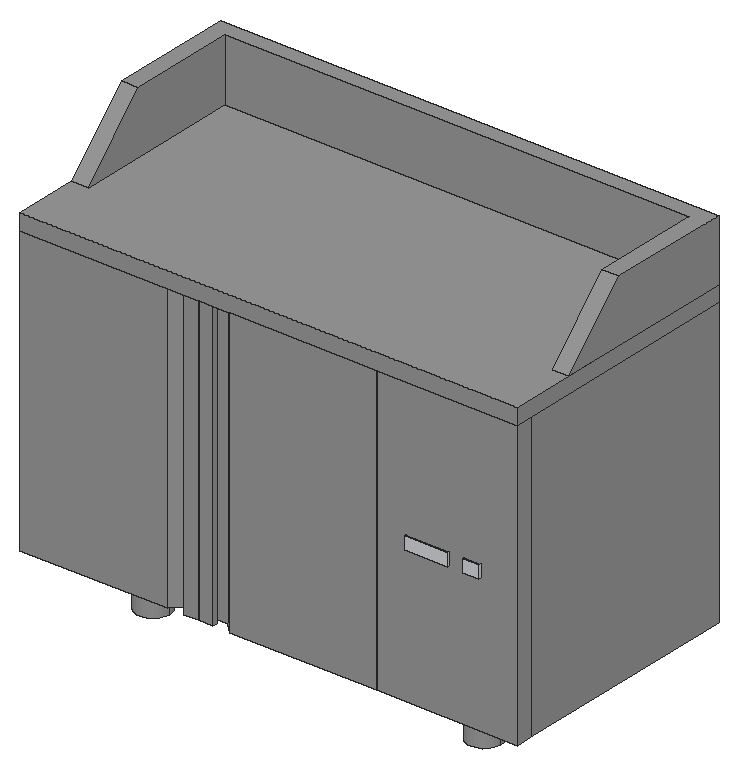
Revit family "Холодильные столы для приготовления пиццы_1", category Оборудование, Revit 2020
Family settings
  Размер круглого соединителя = Использовать диаметр
  Классификация = Нет
  Тип детали = Нормальный
  На основе рабочей плоскости = Нет
  Всегда вертикально = Да
  При загрузке вырезать с полостями = Нет
  Общий = Нет
  Точка расчета площади = Нет
Parameters (values of type "TM2pizza-GC")
  Ширина = 1200 mm
  Цена, руб = "94 957"
  Холодильный стол = нержавеющая сталь
  Хладаген = "R134a"
  Условия окр. среды (темп/влажн) = "до +43"
  Тип охлаждения = "динамический"
  Тип оттайки = "авт. с системой исп. конденсата"
  Терморегулятор = "эл. блок"
  Таблица поиска = "ТB"
  Степень защиты = "IP24"
  Размеры в упоковке, мм = "1310х815х1070"
  Отметка по умолчанию = 0 mm
  Объем, л = "270"
  Нижняя панель упр. = no
  Нижнее распол. Дверь -2 = no
  Нижнее распол Дверь -1 = no
  Напряжение питания = "230.00 В"
  Количество дверей = "2"
  Диап. рабочих темп. = "-2....+10"
  Дверь G-4 = no
  Дверь G-3 = no
  Дверь G-2 = yes
  Дверь G - 1 = yes
  Глубина = 605 mm
  Габаритные размеры, мм = "1200х605х850/1000"
  Высота = 850 mm
  Вес нетто/брутто, кг = "160/200"
  Боковая панель упр. (3 решетки) = no
  Боковая панель упр. = yes
Reference planes
  plane 1 "По центру (Вперед/Назад)": y = 0
  plane 2: z = 0
  plane 3 "По центру (Влево/Вправо)": x = 0
  plane 4: z = 850
  plane 5: y = -605
  plane 6: z = 1000
  plane 7: z = 810
  plane 8: z = 120
  plane 9: x = -600
  plane 10: x = 600
  plane 11: x = 260
  plane 12: y = -565
  plane 13: z = 465
  plane 14: x = 400
  plane 15: x = -400
  plane 16: y = -150
  plane 17: y = -455
  plane 18: x = -170
  plane 19: x = 260
  plane 20: x = -170
  plane 21: z = 350
  plane 22: z = 580
  plane 23: x = 352
  plane 24: x = 260
  plane 25: x = 600.013
  plane 26: y = -450
  plane 27: y = -300
Forms (mm)
  Extrusion 1, solid, material "нержавеющая сталь" <- "Холодильный стол"
    sketch origin (0, 0, 0) x (0, 1, 0) y (0, 0, 1)
      loop
        line (0, 810) -> (-565, 810) -> (-565, 120) -> (0, 120) -> (0, 810)
    from -600 to 600
  Extrusion 2, solid, material "нержавеющая сталь" <- "Холодильный стол", visible <- "Боковая панель упр."
    sketch origin (0, 0, 0) x (1, 0, 0) y (0, 0, 1)
      loop
        line (260, 810) -> (260, 120) -> (600, 120) -> (600, 810) -> (260, 810)
    from 565 to 605
  Extrusion 3, solid, material "нержавеющая сталь" <- "Холодильный стол"
    sketch origin (0, 0, 0) x (1, 0, 0) y (0, 1, 0)
      loop
        circle (-400, -150) r 40
    from 0 to 120
  Extrusion 4, solid, material "нержавеющая сталь" <- "Холодильный стол"
    sketch origin (0, 0, 0) x (1, 0, 0) y (0, 1, 0)
      loop
        circle (400, -150) r 40
    from 0 to 120
  Extrusion 5, solid, material "нержавеющая сталь" <- "Холодильный стол"
    sketch origin (0, 0, 0) x (1, 0, 0) y (0, 1, 0)
      loop
        circle (-400, -455) r 40
    from 0 to 120
  Extrusion 6, solid, material "нержавеющая сталь" <- "Холодильный стол"
    sketch origin (0, 0, 0) x (1, 0, 0) y (0, 1, 0)
      loop
        circle (400, -455) r 40
    from 0 to 120
  Extrusion 7, solid, visible <- "Боковая панель упр.", detail levels medium+fine
    sketch origin (2.568, 0, 10.164) x (1, 0, 0) y (0, 0, 1)
      loop
        line (467.432, 469.836) -> (467.432, 439.836) -> (507.432, 439.836) -> (507.432, 469.836) -> (467.432, 469.836)
    from 605 to 609.018
  Extrusion 8, solid, visible <- "Боковая панель упр.", detail levels medium+fine
    sketch origin (-107.632, 0, 15.164) x (1, 0, 0) y (0, 0, 1)
      loop
        line (437.632, 464.836) -> (437.632, 434.836) -> (542.632, 434.836) -> (542.632, 464.836) -> (437.632, 464.836)
    from 605 to 609.018
  Extrusion 9, solid, material "нержавеющая сталь" <- "Холодильный стол"
    sketch origin (0, 0, 0) x (0, 1, 0) y (0, 0, 1)
      loop
        line (-605, 810) -> (0, 810) -> (0, 850) -> (-605, 850) -> (-605, 810)
    from -600 to 600
  Extrusion 10, solid, material "нержавеющая сталь" <- "Холодильный стол", visible <- "Дверь G - 1"
    sketch origin (430, 0, 0) x (1, 0, 0) y (0, 1, 0)
      loop
        line (-170, -565) -> (-600, -565) -> (-600, -605) -> (-564.749, -605) -> (-564.749, -595.251) -> (-584.749, -595.251) -> (-584.749, -580.251) -> (-549.749, -580.251) -> (-525, -605) -> (-170, -605) -> (-170, -565)
    from 120 to 810
  Extrusion 11, solid, material "нержавеющая сталь" <- "Холодильный стол", visible <- "Дверь G-2"
    sketch origin (90, 0, 0) x (-1, 0, 0) y (0, -1, 0)
      loop
        line (690, 565) -> (690, 605) -> (335, 605) -> (310.251, 580.251) -> (275.251, 580.251) -> (275.251, 595.251) -> (295.251, 595.251) -> (295.251, 605) -> (260, 605) -> (260, 565) -> (690, 565)
    from 120 to 810
  Extrusion 12, solid, material "нержавеющая сталь" <- "Холодильный стол", visible <- "Дверь G-4"
    sketch origin (-770, 0, 0) x (-1, 0, 0) y (0, -1, 0)
      loop
        line (-170, 565) -> (-170, 605) -> (-525, 605) -> (-549.749, 580.251) -> (-584.749, 580.251) -> (-584.749, 595.251) -> (-564.749, 595.251) -> (-564.749, 605) -> (-600, 605) -> (-600, 565) -> (-170, 565)
    from 120 to 810
  Extrusion 13, solid, material "нержавеющая сталь" <- "Холодильный стол", visible <- "Дверь G-3"
    sketch origin (-430, 0, 0) x (1, 0, 0) y (0, 1, 0)
      loop
        line (690, -565) -> (260, -565) -> (260, -605) -> (295.251, -605) -> (295.251, -595.251) -> (275.251, -595.251) -> (275.251, -580.251) -> (310.251, -580.251) -> (335, -605) -> (690, -605) -> (690, -565)
    from 120 to 810
  Extrusion 14, solid, material "нержавеющая сталь" <- "Холодильный стол", not visible
    sketch origin (0, 0, 0) x (0, 1, 0) y (0, 0, 1)
      loop
        line (-605, 465) -> (-565, 465) -> (-565, 810) -> (-605, 810) -> (-605, 775) -> (-590, 775) -> (-590, 795) -> (-580.251, 795) -> (-580.251, 765) -> (-605, 740.251) -> (-605, 465)
    from -170 to 260
  Extrusion 15, solid, material "нержавеющая сталь" <- "Холодильный стол", not visible
    sketch origin (-950, 0, 0) x (0, 1, 0) y (0, 0, 1)
      loop
        line (-605, 465) -> (-565, 465) -> (-565, 810) -> (-605, 810) -> (-605, 775) -> (-590, 775) -> (-590, 795) -> (-580.251, 795) -> (-580.251, 765) -> (-605, 740.251) -> (-605, 465)
    from 350 to 780
  Extrusion 16, solid, material "нержавеющая сталь" <- "Холодильный стол", not visible
    sketch origin (-420, 0, 0) x (0, 1, 0) y (0, 0, 1)
      loop
        line (-605, 465) -> (-565, 465) -> (-565, 810) -> (-605, 810) -> (-605, 775) -> (-590, 775) -> (-590, 795) -> (-580.251, 795) -> (-580.251, 765) -> (-605, 740.251) -> (-605, 465)
    from 250 to 680
  Extrusion 17, solid, material "нержавеющая сталь" <- "Холодильный стол", visible <- "Нижнее распол Дверь -1"
    sketch origin (770, 0, 0) x (1, 0, 0) y (0, 1, 0)
      loop
        line (-170, -565) -> (-600, -565) -> (-600, -605) -> (-564.749, -605) -> (-564.749, -595.251) -> (-584.749, -595.251) -> (-584.749, -580.251) -> (-549.749, -580.251) -> (-525, -605) -> (-170, -605) -> (-170, -565)
    from 350 to 810
  Extrusion 18, solid, material "нержавеющая сталь" <- "Холодильный стол", visible <- "Нижнее распол Дверь -1"
    sketch origin (-770, 0, 0) x (-1, 0, 0) y (0, -1, 0)
      loop
        line (-170, 565) -> (-170, 605) -> (-525, 605) -> (-549.749, 580.251) -> (-584.749, 580.251) -> (-584.749, 595.251) -> (-564.749, 595.251) -> (-564.749, 605) -> (-600, 605) -> (-600, 565) -> (-170, 565)
    from 350 to 810
  Extrusion 19, solid, material "нержавеющая сталь" <- "Холодильный стол", visible <- "Нижнее распол Дверь -1"
    sketch origin (180, 0, 0) x (-1, 0, 0) y (0, -1, 0)
      loop
        line (480, 565) -> (480, 605) -> (125, 605) -> (100.251, 580.251) -> (65.251, 580.251) -> (65.251, 595.251) -> (85.251, 595.251) -> (85.251, 605) -> (50, 605) -> (50, 565) -> (480, 565)
    from 350 to 810
  Extrusion 20, solid, material "нержавеющая сталь" <- "Холодильный стол", visible <- "Нижнее распол. Дверь -2"
    sketch origin (-180, 0, 0) x (1, 0, 0) y (0, 1, 0)
      loop
        line (480, -565) -> (50, -565) -> (50, -605) -> (85.251, -605) -> (85.251, -595.251) -> (65.251, -595.251) -> (65.251, -580.251) -> (100.251, -580.251) -> (125, -605) -> (480, -605) -> (480, -565)
    from 350 to 810
  Extrusion 21, solid, material "нержавеющая сталь" <- "Холодильный стол", visible <- "Нижняя панель упр."
    sketch origin (0, -605, 0) x (1, 0, 0) y (0, 0, 1)
      loop
        line (-600, 350) -> (-600, 120) -> (600, 120) -> (600, 350) -> (-600, 350)
    from -40 to -24.749
  Extrusion 22, solid, visible <- "Нижняя панель упр.", detail levels fine
    sketch origin (0, -605, -22.705) x (1, 0, 0) y (0, 0, 1)
      loop
        line (440, 200) -> (440, 180) -> (506.042, 180) -> (506.042, 200) -> (440, 200)
    from 0 to 4.018
  Extrusion 23, solid, visible <- "Нижняя панель упр.", detail levels fine
    sketch origin (0, -605, -22.705) x (1, 0, 0) y (0, 0, 1)
      loop
        line (397.5, 200) -> (397.5, 180) -> (428.874, 180) -> (428.874, 200) -> (397.5, 200)
    from 0 to 4.018
  Extrusion 24, solid, material "нержавеющая сталь" <- "Холодильный стол", visible <- "Боковая панель упр. (3 решетки)"
    sketch origin (0, -605, 0) x (1, 0, 0) y (0, 0, 1)
      loop
        line (260, 810) -> (260, 120) -> (600.013, 120) -> (600.013, 810) -> (260, 810)
    from -40 to 0
  Extrusion 25, solid, visible <- "Боковая панель упр. (3 решетки)", detail levels medium+fine
    sketch origin (22, -605, 0) x (1, 0, 0) y (0, 0, 1)
      loop
        line (330, 415) -> (330, 395) -> (428.531, 395) -> (428.531, 415) -> (330, 415)
    from 0 to 4.018
  Extrusion 26, solid, visible <- "Боковая панель упр. (3 решетки)", detail levels medium+fine
    sketch origin (22, -605, 0) x (1, 0, 0) y (0, 0, 1)
      loop
        line (486.123, 395) -> (486.123, 415) -> (466.123, 415) -> (466.123, 395) -> (486.123, 395)
    from 0 to 4.018
  Extrusion 27, solid, material "нержавеющая сталь" <- "Холодильный стол"
    sketch origin (0, 0, 0) x (1, 0, 0) y (0, 1, 0)
      loop
        line (-600, -450) -> (-559.757, -450) -> (-559.757, -40.027) -> (560, -40.027) -> (560, -450) -> (600.013, -450) -> (600.013, 0) -> (-600, 0) -> (-600, -450)
    from 850 to 1000
  Extrusion 28, void
    sketch origin (0, 0, 0) x (0, 1, 0) y (0, 0, 1)
      loop
        line (-300, 1000) -> (-450, 1000) -> (-450, 850) -> (-300, 1000)
    from -600 to -559.757
  Extrusion 29, void
    sketch origin (0, 0, 0) x (0, 1, 0) y (0, 0, 1)
      loop
        line (-300, 1000) -> (-450, 1000) -> (-450, 850) -> (-300, 1000)
    from 560 to 600.013
Cuts and joins
  Extrusion 28, Extrusion 29 cuts Extrusion 27
Lines and regions (mm)
  model lines, visible <- "Боковая панель упр.", detail levels medium+fine
    curve 1: line (330, -605, 415) -> (330, -605, 165)
    curve 2: line (530, -605, 165) -> (530, -605, 415)
    curve 11: line (330, -605, 760) -> (330, -605, 510)
    curve 12: line (530, -605, 510) -> (530, -605, 760)
  model lines, visible <- "Боковая панель упр.", detail levels fine
    curve 3: line (360, -605, 415) -> (360, -605, 165)
    curve 4: line (372.5, -605, 415) -> (372.5, -605, 165)
    curve 5: line (402.5, -605, 415) -> (402.5, -605, 165)
    curve 6: line (415, -605, 415) -> (415, -605, 165)
    curve 7: line (445, -605, 415) -> (445, -605, 165)
    curve 8: line (457.5, -605, 415) -> (457.5, -605, 165)
    curve 9: line (487.5, -605, 415) -> (487.5, -605, 165)
    curve 10: line (500, -605, 415) -> (500, -605, 165)
    curve 13: line (360, -605, 760) -> (360, -605, 510)
    curve 14: line (372.5, -605, 760) -> (372.5, -605, 510)
    curve 15: line (402.5, -605, 760) -> (402.5, -605, 510)
    curve 16: line (415, -605, 760) -> (415, -605, 510)
    curve 17: line (445, -605, 760) -> (445, -605, 510)
    curve 18: line (457.5, -605, 760) -> (457.5, -605, 510)
    curve 19: line (487.5, -605, 760) -> (487.5, -605, 510)
    curve 20: line (500, -605, 760) -> (500, -605, 510)
    curve 24: line (330, -605, 760) -> (360, -605, 760)
    curve 25: line (372.5, -605, 760) -> (402.5, -605, 760)
    curve 26: line (415, -605, 760) -> (445, -605, 760)
    curve 27: line (457.5, -605, 760) -> (487.5, -605, 760)
    curve 28: line (500, -605, 760) -> (530, -605, 760)
    curve 29: line (330, -605, 750) -> (360, -605, 750)
    curve 30: line (372.5, -605, 750) -> (402.5, -605, 750)
    curve 31: line (415, -605, 750) -> (445, -605, 750)
    curve 32: line (457.5, -605, 750) -> (487.5, -605, 750)
    curve 33: line (500, -605, 750) -> (530, -605, 750)
    curve 34: line (330, -605, 740) -> (360, -605, 740)
    curve 35: line (372.5, -605, 740) -> (402.5, -605, 740)
    curve 36: line (415, -605, 740) -> (445, -605, 740)
    curve 37: line (457.5, -605, 740) -> (487.5, -605, 740)
    curve 38: line (500, -605, 740) -> (530, -605, 740)
    curve 39: line (330, -605, 730) -> (360, -605, 730)
    curve 40: line (372.5, -605, 730) -> (402.5, -605, 730)
    curve 41: line (415, -605, 730) -> (445, -605, 730)
    curve 42: line (457.5, -605, 730) -> (487.5, -605, 730)
    curve 43: line (500, -605, 730) -> (530, -605, 730)
    curve 44: line (330, -605, 720) -> (360, -605, 720)
    curve 45: line (372.5, -605, 720) -> (402.5, -605, 720)
    curve 46: line (415, -605, 720) -> (445, -605, 720)
    curve 47: line (457.5, -605, 720) -> (487.5, -605, 720)
    curve 48: line (500, -605, 720) -> (530, -605, 720)
    curve 49: line (330, -605, 710) -> (360, -605, 710)
    curve 50: line (372.5, -605, 710) -> (402.5, -605, 710)
    curve 51: line (415, -605, 710) -> (445, -605, 710)
    curve 52: line (457.5, -605, 710) -> (487.5, -605, 710)
    curve 53: line (500, -605, 710) -> (530, -605, 710)
    curve 54: line (330, -605, 700) -> (360, -605, 700)
    curve 55: line (372.5, -605, 700) -> (402.5, -605, 700)
    curve 56: line (415, -605, 700) -> (445, -605, 700)
    curve 57: line (457.5, -605, 700) -> (487.5, -605, 700)
    curve 58: line (500, -605, 700) -> (530, -605, 700)
    curve 59: line (330, -605, 690) -> (360, -605, 690)
    curve 60: line (372.5, -605, 690) -> (402.5, -605, 690)
    curve 61: line (415, -605, 690) -> (445, -605, 690)
    curve 62: line (457.5, -605, 690) -> (487.5, -605, 690)
    curve 63: line (500, -605, 690) -> (530, -605, 690)
    curve 64: line (330, -605, 680) -> (360, -605, 680)
    curve 65: line (372.5, -605, 680) -> (402.5, -605, 680)
    curve 66: line (415, -605, 680) -> (445, -605, 680)
    curve 67: line (457.5, -605, 680) -> (487.5, -605, 680)
    curve 68: line (500, -605, 680) -> (530, -605, 680)
    curve 69: line (330, -605, 670) -> (360, -605, 670)
    curve 70: line (372.5, -605, 670) -> (402.5, -605, 670)
    curve 71: line (415, -605, 670) -> (445, -605, 670)
    curve 72: line (457.5, -605, 670) -> (487.5, -605, 670)
    curve 73: line (500, -605, 670) -> (530, -605, 670)
    curve 74: line (330, -605, 660) -> (360, -605, 660)
    curve 75: line (372.5, -605, 660) -> (402.5, -605, 660)
    curve 76: line (415, -605, 660) -> (445, -605, 660)
    curve 77: line (457.5, -605, 660) -> (487.5, -605, 660)
    curve 78: line (500, -605, 660) -> (530, -605, 660)
    curve 79: line (330, -605, 650) -> (360, -605, 650)
    curve 80: line (372.5, -605, 650) -> (402.5, -605, 650)
    curve 81: line (415, -605, 650) -> (445, -605, 650)
    curve 82: line (457.5, -605, 650) -> (487.5, -605, 650)
    curve 83: line (500, -605, 650) -> (530, -605, 650)
    curve 84: line (330, -605, 640) -> (360, -605, 640)
    curve 85: line (372.5, -605, 640) -> (402.5, -605, 640)
    curve 86: line (415, -605, 640) -> (445, -605, 640)
    curve 87: line (457.5, -605, 640) -> (487.5, -605, 640)
    curve 88: line (500, -605, 640) -> (530, -605, 640)
    curve 89: line (330, -605, 630) -> (360, -605, 630)
    curve 90: line (372.5, -605, 630) -> (402.5, -605, 630)
    curve 91: line (415, -605, 630) -> (445, -605, 630)
    curve 92: line (457.5, -605, 630) -> (487.5, -605, 630)
    curve 93: line (500, -605, 630) -> (530, -605, 630)
    curve 94: line (330, -605, 620) -> (360, -605, 620)
    curve 95: line (372.5, -605, 620) -> (402.5, -605, 620)
    curve 96: line (415, -605, 620) -> (445, -605, 620)
    curve 97: line (457.5, -605, 620) -> (487.5, -605, 620)
    curve 98: line (500, -605, 620) -> (530, -605, 620)
    curve 99: line (330, -605, 610) -> (360, -605, 610)
    curve 100: line (372.5, -605, 610) -> (402.5, -605, 610)
    curve 101: line (415, -605, 610) -> (445, -605, 610)
    curve 102: line (457.5, -605, 610) -> (487.5, -605, 610)
    curve 103: line (500, -605, 610) -> (530, -605, 610)
    curve 104: line (330, -605, 600) -> (360, -605, 600)
    curve 105: line (372.5, -605, 600) -> (402.5, -605, 600)
    curve 106: line (415, -605, 600) -> (445, -605, 600)
    curve 107: line (457.5, -605, 600) -> (487.5, -605, 600)
    curve 108: line (500, -605, 600) -> (530, -605, 600)
    curve 109: line (330, -605, 590) -> (360, -605, 590)
    curve 110: line (372.5, -605, 590) -> (402.5, -605, 590)
    curve 111: line (415, -605, 590) -> (445, -605, 590)
    curve 112: line (457.5, -605, 590) -> (487.5, -605, 590)
    curve 113: line (500, -605, 590) -> (530, -605, 590)
    curve 114: line (330, -605, 580) -> (360, -605, 580)
    curve 115: line (372.5, -605, 580) -> (402.5, -605, 580)
    curve 116: line (415, -605, 580) -> (445, -605, 580)
    curve 117: line (457.5, -605, 580) -> (487.5, -605, 580)
    curve 118: line (500, -605, 580) -> (530, -605, 580)
    curve 119: line (330, -605, 570) -> (360, -605, 570)
    curve 120: line (372.5, -605, 570) -> (402.5, -605, 570)
    curve 121: line (415, -605, 570) -> (445, -605, 570)
    curve 122: line (457.5, -605, 570) -> (487.5, -605, 570)
    curve 123: line (500, -605, 570) -> (530, -605, 570)
    curve 124: line (330, -605, 560) -> (360, -605, 560)
    curve 125: line (372.5, -605, 560) -> (402.5, -605, 560)
    curve 126: line (415, -605, 560) -> (445, -605, 560)
    curve 127: line (457.5, -605, 560) -> (487.5, -605, 560)
    curve 128: line (500, -605, 560) -> (530, -605, 560)
    curve 129: line (330, -605, 550) -> (360, -605, 550)
    curve 130: line (372.5, -605, 550) -> (402.5, -605, 550)
    curve 131: line (415, -605, 550) -> (445, -605, 550)
    curve 132: line (457.5, -605, 550) -> (487.5, -605, 550)
    curve 133: line (500, -605, 550) -> (530, -605, 550)
    curve 134: line (330, -605, 540) -> (360, -605, 540)
    curve 135: line (372.5, -605, 540) -> (402.5, -605, 540)
    curve 136: line (415, -605, 540) -> (445, -605, 540)
    curve 137: line (457.5, -605, 540) -> (487.5, -605, 540)
    curve 138: line (500, -605, 540) -> (530, -605, 540)
    curve 139: line (330, -605, 530) -> (360, -605, 530)
    curve 140: line (372.5, -605, 530) -> (402.5, -605, 530)
    curve 141: line (415, -605, 530) -> (445, -605, 530)
    curve 142: line (457.5, -605, 530) -> (487.5, -605, 530)
    curve 143: line (500, -605, 530) -> (530, -605, 530)
    curve 144: line (330, -605, 520) -> (360, -605, 520)
    curve 145: line (372.5, -605, 520) -> (402.5, -605, 520)
    curve 146: line (415, -605, 520) -> (445, -605, 520)
    curve 147: line (457.5, -605, 520) -> (487.5, -605, 520)
    curve 148: line (500, -605, 520) -> (530, -605, 520)
    curve 149: line (330, -605, 510) -> (360, -605, 510)
    curve 150: line (372.5, -605, 510) -> (402.5, -605, 510)
    curve 151: line (415, -605, 510) -> (445, -605, 510)
    curve 152: line (457.5, -605, 510) -> (487.5, -605, 510)
    curve 153: line (500, -605, 510) -> (530, -605, 510)
    curve 154: line (330, -605, 415) -> (360, -605, 415)
    curve 155: line (372.5, -605, 415) -> (402.5, -605, 415)
    curve 156: line (415, -605, 415) -> (445, -605, 415)
    curve 157: line (457.5, -605, 415) -> (487.5, -605, 415)
    curve 158: line (500, -605, 415) -> (530, -605, 415)
    curve 159: line (330, -605, 405) -> (360, -605, 405)
    curve 160: line (372.5, -605, 405) -> (402.5, -605, 405)
    curve 161: line (415, -605, 405) -> (445, -605, 405)
    curve 162: line (457.5, -605, 405) -> (487.5, -605, 405)
    curve 163: line (500, -605, 405) -> (530, -605, 405)
    curve 164: line (330, -605, 395) -> (360, -605, 395)
    curve 165: line (372.5, -605, 395) -> (402.5, -605, 395)
    curve 166: line (415, -605, 395) -> (445, -605, 395)
    curve 167: line (457.5, -605, 395) -> (487.5, -605, 395)
    curve 168: line (500, -605, 395) -> (530, -605, 395)
    curve 169: line (330, -605, 385) -> (360, -605, 385)
    curve 170: line (372.5, -605, 385) -> (402.5, -605, 385)
    curve 171: line (415, -605, 385) -> (445, -605, 385)
    curve 172: line (457.5, -605, 385) -> (487.5, -605, 385)
    curve 173: line (500, -605, 385) -> (530, -605, 385)
    curve 174: line (330, -605, 375) -> (360, -605, 375)
    curve 175: line (372.5, -605, 375) -> (402.5, -605, 375)
    curve 176: line (415, -605, 375) -> (445, -605, 375)
    curve 177: line (457.5, -605, 375) -> (487.5, -605, 375)
    curve 178: line (500, -605, 375) -> (530, -605, 375)
    curve 179: line (330, -605, 365) -> (360, -605, 365)
    curve 180: line (372.5, -605, 365) -> (402.5, -605, 365)
    curve 181: line (415, -605, 365) -> (445, -605, 365)
    curve 182: line (457.5, -605, 365) -> (487.5, -605, 365)
    curve 183: line (500, -605, 365) -> (530, -605, 365)
    curve 184: line (330, -605, 355) -> (360, -605, 355)
    curve 185: line (372.5, -605, 355) -> (402.5, -605, 355)
    curve 186: line (415, -605, 355) -> (445, -605, 355)
    curve 187: line (457.5, -605, 355) -> (487.5, -605, 355)
    curve 188: line (500, -605, 355) -> (530, -605, 355)
    curve 189: line (330, -605, 345) -> (360, -605, 345)
    curve 190: line (372.5, -605, 345) -> (402.5, -605, 345)
    curve 191: line (415, -605, 345) -> (445, -605, 345)
    curve 192: line (457.5, -605, 345) -> (487.5, -605, 345)
    curve 193: line (500, -605, 345) -> (530, -605, 345)
    curve 194: line (330, -605, 335) -> (360, -605, 335)
    curve 195: line (372.5, -605, 335) -> (402.5, -605, 335)
    curve 196: line (415, -605, 335) -> (445, -605, 335)
    curve 197: line (457.5, -605, 335) -> (487.5, -605, 335)
    curve 198: line (500, -605, 335) -> (530, -605, 335)
    curve 199: line (330, -605, 325) -> (360, -605, 325)
    curve 200: line (372.5, -605, 325) -> (402.5, -605, 325)
    curve 201: line (415, -605, 325) -> (445, -605, 325)
    curve 202: line (457.5, -605, 325) -> (487.5, -605, 325)
    curve 203: line (500, -605, 325) -> (530, -605, 325)
    curve 204: line (330, -605, 315) -> (360, -605, 315)
    curve 205: line (372.5, -605, 315) -> (402.5, -605, 315)
    curve 206: line (415, -605, 315) -> (445, -605, 315)
    curve 207: line (457.5, -605, 315) -> (487.5, -605, 315)
    curve 208: line (500, -605, 315) -> (530, -605, 315)
    curve 209: line (330, -605, 305) -> (360, -605, 305)
    curve 210: line (372.5, -605, 305) -> (402.5, -605, 305)
    curve 211: line (415, -605, 305) -> (445, -605, 305)
    curve 212: line (457.5, -605, 305) -> (487.5, -605, 305)
    curve 213: line (500, -605, 305) -> (530, -605, 305)
    curve 214: line (330, -605, 295) -> (360, -605, 295)
    curve 215: line (372.5, -605, 295) -> (402.5, -605, 295)
    curve 216: line (415, -605, 295) -> (445, -605, 295)
    curve 217: line (457.5, -605, 295) -> (487.5, -605, 295)
    curve 218: line (500, -605, 295) -> (530, -605, 295)
    curve 219: line (330, -605, 285) -> (360, -605, 285)
    curve 220: line (372.5, -605, 285) -> (402.5, -605, 285)
    curve 221: line (415, -605, 285) -> (445, -605, 285)
    curve 222: line (457.5, -605, 285) -> (487.5, -605, 285)
    curve 223: line (500, -605, 285) -> (530, -605, 285)
    curve 224: line (330, -605, 275) -> (360, -605, 275)
    curve 225: line (372.5, -605, 275) -> (402.5, -605, 275)
    curve 226: line (415, -605, 275) -> (445, -605, 275)
    curve 227: line (457.5, -605, 275) -> (487.5, -605, 275)
    curve 228: line (500, -605, 275) -> (530, -605, 275)
    curve 229: line (330, -605, 265) -> (360, -605, 265)
    curve 230: line (372.5, -605, 265) -> (402.5, -605, 265)
    curve 231: line (415, -605, 265) -> (445, -605, 265)
    curve 232: line (457.5, -605, 265) -> (487.5, -605, 265)
    curve 233: line (500, -605, 265) -> (530, -605, 265)
    curve 234: line (330, -605, 255) -> (360, -605, 255)
    curve 235: line (372.5, -605, 255) -> (402.5, -605, 255)
    curve 236: line (415, -605, 255) -> (445, -605, 255)
    curve 237: line (457.5, -605, 255) -> (487.5, -605, 255)
    curve 238: line (500, -605, 255) -> (530, -605, 255)
    curve 239: line (330, -605, 245) -> (360, -605, 245)
    curve 240: line (372.5, -605, 245) -> (402.5, -605, 245)
    curve 241: line (415, -605, 245) -> (445, -605, 245)
    curve 242: line (457.5, -605, 245) -> (487.5, -605, 245)
    curve 243: line (500, -605, 245) -> (530, -605, 245)
    curve 244: line (330, -605, 235) -> (360, -605, 235)
    curve 245: line (372.5, -605, 235) -> (402.5, -605, 235)
    curve 246: line (415, -605, 235) -> (445, -605, 235)
    curve 247: line (457.5, -605, 235) -> (487.5, -605, 235)
    curve 248: line (500, -605, 235) -> (530, -605, 235)
    curve 249: line (330, -605, 225) -> (360, -605, 225)
    curve 250: line (372.5, -605, 225) -> (402.5, -605, 225)
    curve 251: line (415, -605, 225) -> (445, -605, 225)
    curve 252: line (457.5, -605, 225) -> (487.5, -605, 225)
    curve 253: line (500, -605, 225) -> (530, -605, 225)
    curve 254: line (330, -605, 215) -> (360, -605, 215)
    curve 255: line (372.5, -605, 215) -> (402.5, -605, 215)
    curve 256: line (415, -605, 215) -> (445, -605, 215)
    curve 257: line (457.5, -605, 215) -> (487.5, -605, 215)
    curve 258: line (500, -605, 215) -> (530, -605, 215)
    curve 259: line (330, -605, 205) -> (360, -605, 205)
    curve 260: line (372.5, -605, 205) -> (402.5, -605, 205)
    curve 261: line (415, -605, 205) -> (445, -605, 205)
    curve 262: line (457.5, -605, 205) -> (487.5, -605, 205)
    curve 263: line (500, -605, 205) -> (530, -605, 205)
    curve 264: line (330, -605, 195) -> (360, -605, 195)
    curve 265: line (372.5, -605, 195) -> (402.5, -605, 195)
    curve 266: line (415, -605, 195) -> (445, -605, 195)
    curve 267: line (457.5, -605, 195) -> (487.5, -605, 195)
    curve 268: line (500, -605, 195) -> (530, -605, 195)
    curve 269: line (330, -605, 185) -> (360, -605, 185)
    curve 270: line (372.5, -605, 185) -> (402.5, -605, 185)
    curve 271: line (415, -605, 185) -> (445, -605, 185)
    curve 272: line (457.5, -605, 185) -> (487.5, -605, 185)
    curve 273: line (500, -605, 185) -> (530, -605, 185)
    curve 274: line (330, -605, 175) -> (360, -605, 175)
    curve 275: line (372.5, -605, 175) -> (402.5, -605, 175)
    curve 276: line (415, -605, 175) -> (445, -605, 175)
    curve 277: line (457.5, -605, 175) -> (487.5, -605, 175)
    curve 278: line (500, -605, 175) -> (530, -605, 175)
    curve 279: line (330, -605, 165) -> (360, -605, 165)
    curve 280: line (372.5, -605, 165) -> (402.5, -605, 165)
    curve 281: line (415, -605, 165) -> (445, -605, 165)
    curve 282: line (457.5, -605, 165) -> (487.5, -605, 165)
    curve 283: line (500, -605, 165) -> (530, -605, 165)
    curve 285: line (330, -605, 510) -> (360, -605, 510)
  model lines, visible <- "Боковая панель упр.", detail levels medium
    curve 21: line (330, -605, 415) -> (530, -605, 415)
    curve 22: line (330, -605, 165) -> (530, -605, 165)
    curve 23: line (330, -605, 760) -> (530, -605, 760)
    curve 284: line (330, -605, 510) -> (530, -605, 510)
  model lines, visible <- "Нижняя панель упр.", detail levels fine
    curve 286: line (-202, -580.251, 330) -> (-172, -580.251, 330)
    curve 287: line (-159.5, -580.251, 330) -> (-129.5, -580.251, 330)
    curve 288: line (-117, -580.251, 330) -> (-87, -580.251, 330)
    curve 289: line (-74.5, -580.251, 330) -> (-44.5, -580.251, 330)
    curve 290: line (-32, -580.251, 330) -> (-2, -580.251, 330)
    curve 291: line (-187, -580.251, 320) -> (-157, -580.251, 320)
    curve 292: line (-144.5, -580.251, 320) -> (-114.5, -580.251, 320)
    curve 293: line (-102, -580.251, 320) -> (-72, -580.251, 320)
    curve 294: line (-59.5, -580.251, 320) -> (-29.5, -580.251, 320)
    curve 295: line (-17, -580.251, 320) -> (13, -580.251, 320)
    curve 296: line (-172, -580.251, 310) -> (-142, -580.251, 310)
    curve 297: line (-129.5, -580.251, 310) -> (-99.5, -580.251, 310)
    curve 298: line (-87, -580.251, 310) -> (-57, -580.251, 310)
    curve 299: line (-44.5, -580.251, 310) -> (-14.5, -580.251, 310)
    curve 300: line (-2, -580.251, 310) -> (28, -580.251, 310)
    curve 301: line (-187, -580.251, 300) -> (-157, -580.251, 300)
    curve 302: line (-144.5, -580.251, 300) -> (-114.5, -580.251, 300)
    curve 303: line (-102, -580.251, 300) -> (-72, -580.251, 300)
    curve 304: line (-59.5, -580.251, 300) -> (-29.5, -580.251, 300)
    curve 305: line (-17, -580.251, 300) -> (13, -580.251, 300)
    curve 306: line (-202, -580.251, 290) -> (-172, -580.251, 290)
    curve 307: line (-159.5, -580.251, 290) -> (-129.5, -580.251, 290)
    curve 308: line (-117, -580.251, 290) -> (-87, -580.251, 290)
    curve 309: line (-74.5, -580.251, 290) -> (-44.5, -580.251, 290)
    curve 310: line (-32, -580.251, 290) -> (-2, -580.251, 290)
    curve 311: line (-187, -580.251, 280) -> (-157, -580.251, 280)
    curve 312: line (-144.5, -580.251, 280) -> (-114.5, -580.251, 280)
    curve 313: line (-102, -580.251, 280) -> (-72, -580.251, 280)
    curve 314: line (-59.5, -580.251, 280) -> (-29.5, -580.251, 280)
    curve 315: line (-17, -580.251, 280) -> (13, -580.251, 280)
    curve 316: line (-172, -580.251, 270) -> (-142, -580.251, 270)
    curve 317: line (-129.5, -580.251, 270) -> (-99.5, -580.251, 270)
    curve 318: line (-87, -580.251, 270) -> (-57, -580.251, 270)
    curve 319: line (-44.5, -580.251, 270) -> (-14.5, -580.251, 270)
    curve 320: line (-2, -580.251, 270) -> (28, -580.251, 270)
    curve 321: line (-187, -580.251, 260) -> (-157, -580.251, 260)
    curve 322: line (-144.5, -580.251, 260) -> (-114.5, -580.251, 260)
    curve 323: line (-102, -580.251, 260) -> (-72, -580.251, 260)
    curve 324: line (-59.5, -580.251, 260) -> (-29.5, -580.251, 260)
    curve 325: line (-17, -580.251, 260) -> (13, -580.251, 260)
    curve 326: line (-202, -580.251, 250) -> (-172, -580.251, 250)
    curve 327: line (-159.5, -580.251, 250) -> (-129.5, -580.251, 250)
    curve 328: line (-117, -580.251, 250) -> (-87, -580.251, 250)
    curve 329: line (-74.5, -580.251, 250) -> (-44.5, -580.251, 250)
    curve 330: line (-32, -580.251, 250) -> (-2, -580.251, 250)
    curve 331: line (-187, -580.251, 240) -> (-157, -580.251, 240)
    curve 332: line (-144.5, -580.251, 240) -> (-114.5, -580.251, 240)
    curve 333: line (-102, -580.251, 240) -> (-72, -580.251, 240)
    curve 334: line (-59.5, -580.251, 240) -> (-29.5, -580.251, 240)
    curve 335: line (-17, -580.251, 240) -> (13, -580.251, 240)
    curve 336: line (-172, -580.251, 230) -> (-142, -580.251, 230)
    curve 337: line (-129.5, -580.251, 230) -> (-99.5, -580.251, 230)
    curve 338: line (-87, -580.251, 230) -> (-57, -580.251, 230)
    curve 339: line (-44.5, -580.251, 230) -> (-14.5, -580.251, 230)
    curve 340: line (-2, -580.251, 230) -> (28, -580.251, 230)
    curve 341: line (-187, -580.251, 220) -> (-157, -580.251, 220)
    curve 342: line (-144.5, -580.251, 220) -> (-114.5, -580.251, 220)
    curve 343: line (-102, -580.251, 220) -> (-72, -580.251, 220)
    curve 344: line (-59.5, -580.251, 220) -> (-29.5, -580.251, 220)
    curve 345: line (-17, -580.251, 220) -> (13, -580.251, 220)
    curve 346: line (-202, -580.251, 210) -> (-172, -580.251, 210)
    curve 347: line (-159.5, -580.251, 210) -> (-129.5, -580.251, 210)
    curve 348: line (-117, -580.251, 210) -> (-87, -580.251, 210)
    curve 349: line (-74.5, -580.251, 210) -> (-44.5, -580.251, 210)
    curve 350: line (-32, -580.251, 210) -> (-2, -580.251, 210)
    curve 351: line (-187, -580.251, 200) -> (-157, -580.251, 200)
    curve 352: line (-144.5, -580.251, 200) -> (-114.5, -580.251, 200)
    curve 353: line (-102, -580.251, 200) -> (-72, -580.251, 200)
    curve 354: line (-59.5, -580.251, 200) -> (-29.5, -580.251, 200)
    curve 355: line (-17, -580.251, 200) -> (13, -580.251, 200)
    curve 356: line (-172, -580.251, 190) -> (-142, -580.251, 190)
    curve 357: line (-129.5, -580.251, 190) -> (-99.5, -580.251, 190)
    curve 358: line (-87, -580.251, 190) -> (-57, -580.251, 190)
    curve 359: line (-44.5, -580.251, 190) -> (-14.5, -580.251, 190)
    curve 360: line (-2, -580.251, 190) -> (28, -580.251, 190)
    curve 361: line (-187, -580.251, 180) -> (-157, -580.251, 180)
    curve 362: line (-144.5, -580.251, 180) -> (-114.5, -580.251, 180)
    curve 363: line (-102, -580.251, 180) -> (-72, -580.251, 180)
    curve 364: line (-59.5, -580.251, 180) -> (-29.5, -580.251, 180)
    curve 365: line (-17, -580.251, 180) -> (13, -580.251, 180)
    curve 366: line (-202, -580.251, 170) -> (-172, -580.251, 170)
    curve 367: line (-159.5, -580.251, 170) -> (-129.5, -580.251, 170)
    curve 368: line (-117, -580.251, 170) -> (-87, -580.251, 170)
    curve 369: line (-74.5, -580.251, 170) -> (-44.5, -580.251, 170)
    curve 370: line (-32, -580.251, 170) -> (-2, -580.251, 170)
    curve 371: line (-187, -580.251, 160) -> (-157, -580.251, 160)
    curve 372: line (-144.5, -580.251, 160) -> (-114.5, -580.251, 160)
    curve 373: line (-102, -580.251, 160) -> (-72, -580.251, 160)
    curve 374: line (-59.5, -580.251, 160) -> (-29.5, -580.251, 160)
    curve 375: line (-17, -580.251, 160) -> (13, -580.251, 160)
    curve 376: line (-172, -580.251, 150) -> (-142, -580.251, 150)
    curve 377: line (-129.5, -580.251, 150) -> (-99.5, -580.251, 150)
    curve 378: line (-87, -580.251, 150) -> (-57, -580.251, 150)
    curve 379: line (-44.5, -580.251, 150) -> (-14.5, -580.251, 150)
    curve 380: line (-2, -580.251, 150) -> (28, -580.251, 150)
    curve 381: line (-187, -580.251, 140) -> (-157, -580.251, 140)
    curve 382: line (-144.5, -580.251, 140) -> (-114.5, -580.251, 140)
    curve 383: line (-102, -580.251, 140) -> (-72, -580.251, 140)
    curve 384: line (-59.5, -580.251, 140) -> (-29.5, -580.251, 140)
    curve 385: line (-17, -580.251, 140) -> (13, -580.251, 140)
    curve 390: line (-245, -580.251, 330) -> (-215, -580.251, 330)
    curve 391: line (-230, -580.251, 320) -> (-200, -580.251, 320)
    curve 392: line (-215, -580.251, 310) -> (-185, -580.251, 310)
    curve 393: line (-230, -580.251, 300) -> (-200, -580.251, 300)
    curve 394: line (-245, -580.251, 290) -> (-215, -580.251, 290)
    curve 395: line (-230, -580.251, 280) -> (-200, -580.251, 280)
    curve 396: line (-215, -580.251, 270) -> (-185, -580.251, 270)
    curve 397: line (-230, -580.251, 260) -> (-200, -580.251, 260)
    curve 398: line (-245, -580.251, 250) -> (-215, -580.251, 250)
    curve 399: line (-230, -580.251, 240) -> (-200, -580.251, 240)
    curve 400: line (-215, -580.251, 230) -> (-185, -580.251, 230)
    curve 401: line (-230, -580.251, 220) -> (-200, -580.251, 220)
    curve 402: line (-245, -580.251, 210) -> (-215, -580.251, 210)
    curve 403: line (-230, -580.251, 200) -> (-200, -580.251, 200)
    curve 404: line (-215, -580.251, 190) -> (-185, -580.251, 190)
    curve 405: line (-230, -580.251, 180) -> (-200, -580.251, 180)
    curve 406: line (-245, -580.251, 170) -> (-215, -580.251, 170)
    curve 407: line (-230, -580.251, 160) -> (-200, -580.251, 160)
    curve 408: line (-215, -580.251, 150) -> (-185, -580.251, 150)
    curve 409: line (-230, -580.251, 140) -> (-200, -580.251, 140)
    curve 410: line (303.251, -580.251, 330) -> (333.251, -580.251, 330)
    curve 411: line (345.751, -580.251, 330) -> (375.751, -580.251, 330)
    curve 412: line (388.251, -580.251, 330) -> (418.251, -580.251, 330)
    curve 413: line (430.751, -580.251, 330) -> (460.751, -580.251, 330)
    curve 414: line (473.251, -580.251, 330) -> (503.251, -580.251, 330)
    curve 415: line (318.251, -580.251, 320) -> (348.251, -580.251, 320)
    curve 416: line (360.751, -580.251, 320) -> (390.751, -580.251, 320)
    curve 417: line (403.251, -580.251, 320) -> (433.251, -580.251, 320)
    curve 418: line (445.751, -580.251, 320) -> (475.751, -580.251, 320)
    curve 419: line (488.251, -580.251, 320) -> (518.251, -580.251, 320)
    curve 420: line (333.251, -580.251, 310) -> (363.251, -580.251, 310)
    curve 421: line (375.751, -580.251, 310) -> (405.751, -580.251, 310)
    curve 422: line (418.251, -580.251, 310) -> (448.251, -580.251, 310)
    curve 423: line (460.751, -580.251, 310) -> (490.751, -580.251, 310)
    curve 424: line (503.251, -580.251, 310) -> (533.251, -580.251, 310)
    curve 425: line (318.251, -580.251, 300) -> (348.251, -580.251, 300)
    curve 426: line (360.751, -580.251, 300) -> (390.751, -580.251, 300)
    curve 427: line (403.251, -580.251, 300) -> (433.251, -580.251, 300)
    curve 428: line (445.751, -580.251, 300) -> (475.751, -580.251, 300)
    curve 429: line (488.251, -580.251, 300) -> (518.251, -580.251, 300)
    curve 430: line (303.251, -580.251, 290) -> (333.251, -580.251, 290)
    curve 431: line (345.751, -580.251, 290) -> (375.751, -580.251, 290)
    curve 432: line (388.251, -580.251, 290) -> (418.251, -580.251, 290)
    curve 433: line (430.751, -580.251, 290) -> (460.751, -580.251, 290)
    curve 434: line (473.251, -580.251, 290) -> (503.251, -580.251, 290)
    curve 435: line (318.251, -580.251, 280) -> (348.251, -580.251, 280)
    curve 436: line (360.751, -580.251, 280) -> (390.751, -580.251, 280)
    curve 437: line (403.251, -580.251, 280) -> (433.251, -580.251, 280)
    curve 438: line (445.751, -580.251, 280) -> (475.751, -580.251, 280)
    curve 439: line (488.251, -580.251, 280) -> (518.251, -580.251, 280)
    curve 440: line (333.251, -580.251, 270) -> (363.251, -580.251, 270)
    curve 441: line (375.751, -580.251, 270) -> (405.751, -580.251, 270)
    curve 442: line (418.251, -580.251, 270) -> (448.251, -580.251, 270)
    curve 443: line (460.751, -580.251, 270) -> (490.751, -580.251, 270)
    curve 444: line (503.251, -580.251, 270) -> (533.251, -580.251, 270)
    curve 445: line (318.251, -580.251, 260) -> (348.251, -580.251, 260)
    curve 446: line (360.751, -580.251, 260) -> (390.751, -580.251, 260)
    curve 447: line (403.251, -580.251, 260) -> (433.251, -580.251, 260)
    curve 448: line (445.751, -580.251, 260) -> (475.751, -580.251, 260)
    curve 449: line (488.251, -580.251, 260) -> (518.251, -580.251, 260)
    curve 450: line (303.251, -580.251, 250) -> (333.251, -580.251, 250)
    curve 451: line (345.751, -580.251, 250) -> (375.751, -580.251, 250)
    curve 452: line (388.251, -580.251, 250) -> (418.251, -580.251, 250)
    curve 453: line (430.751, -580.251, 250) -> (460.751, -580.251, 250)
    curve 454: line (473.251, -580.251, 250) -> (503.251, -580.251, 250)
    curve 455: line (318.251, -580.251, 240) -> (348.251, -580.251, 240)
    curve 456: line (360.751, -580.251, 240) -> (390.751, -580.251, 240)
    curve 457: line (403.251, -580.251, 240) -> (433.251, -580.251, 240)
    curve 458: line (445.751, -580.251, 240) -> (475.751, -580.251, 240)
    curve 459: line (488.251, -580.251, 240) -> (518.251, -580.251, 240)
    curve 460: line (333.251, -580.251, 230) -> (363.251, -580.251, 230)
    curve 461: line (375.751, -580.251, 230) -> (405.751, -580.251, 230)
    curve 462: line (418.251, -580.251, 230) -> (448.251, -580.251, 230)
    curve 463: line (460.751, -580.251, 230) -> (490.751, -580.251, 230)
    curve 464: line (503.251, -580.251, 230) -> (533.251, -580.251, 230)
    curve 465: line (318.251, -580.251, 220) -> (348.251, -580.251, 220)
    curve 466: line (360.751, -580.251, 220) -> (390.751, -580.251, 220)
    curve 467: line (403.251, -580.251, 220) -> (433.251, -580.251, 220)
    curve 468: line (445.751, -580.251, 220) -> (475.751, -580.251, 220)
    curve 469: line (488.251, -580.251, 220) -> (518.251, -580.251, 220)
    curve 470: line (303.251, -580.251, 210) -> (333.251, -580.251, 210)
    curve 471: line (345.751, -580.251, 210) -> (375.751, -580.251, 210)
    curve 472: line (388.251, -580.251, 210) -> (418.251, -580.251, 210)
    curve 473: line (430.751, -580.251, 210) -> (460.751, -580.251, 210)
    curve 474: line (473.251, -580.251, 210) -> (503.251, -580.251, 210)
    curve 475: line (318.251, -580.251, 200) -> (348.251, -580.251, 200)
    curve 476: line (360.751, -580.251, 200) -> (390.751, -580.251, 200)
    curve 477: line (403.251, -580.251, 200) -> (433.251, -580.251, 200)
    curve 478: line (445.751, -580.251, 200) -> (475.751, -580.251, 200)
    curve 479: line (488.251, -580.251, 200) -> (518.251, -580.251, 200)
    curve 480: line (333.251, -580.251, 190) -> (363.251, -580.251, 190)
    curve 481: line (375.751, -580.251, 190) -> (405.751, -580.251, 190)
    curve 482: line (418.251, -580.251, 190) -> (448.251, -580.251, 190)
    curve 483: line (460.751, -580.251, 190) -> (490.751, -580.251, 190)
    curve 484: line (503.251, -580.251, 190) -> (533.251, -580.251, 190)
    curve 485: line (318.251, -580.251, 180) -> (348.251, -580.251, 180)
    curve 486: line (360.751, -580.251, 180) -> (390.751, -580.251, 180)
    curve 487: line (403.251, -580.251, 180) -> (433.251, -580.251, 180)
    curve 488: line (445.751, -580.251, 180) -> (475.751, -580.251, 180)
    curve 489: line (488.251, -580.251, 180) -> (518.251, -580.251, 180)
    curve 490: line (303.251, -580.251, 170) -> (333.251, -580.251, 170)
    curve 491: line (345.751, -580.251, 170) -> (375.751, -580.251, 170)
    curve 492: line (388.251, -580.251, 170) -> (418.251, -580.251, 170)
    curve 493: line (430.751, -580.251, 170) -> (460.751, -580.251, 170)
    curve 494: line (473.251, -580.251, 170) -> (503.251, -580.251, 170)
    curve 495: line (318.251, -580.251, 160) -> (348.251, -580.251, 160)
    curve 496: line (360.751, -580.251, 160) -> (390.751, -580.251, 160)
    curve 497: line (403.251, -580.251, 160) -> (433.251, -580.251, 160)
    curve 498: line (445.751, -580.251, 160) -> (475.751, -580.251, 160)
    curve 499: line (488.251, -580.251, 160) -> (518.251, -580.251, 160)
    curve 500: line (333.251, -580.251, 150) -> (363.251, -580.251, 150)
    curve 501: line (375.751, -580.251, 150) -> (405.751, -580.251, 150)
    curve 502: line (418.251, -580.251, 150) -> (448.251, -580.251, 150)
    curve 503: line (460.751, -580.251, 150) -> (490.751, -580.251, 150)
    curve 504: line (503.251, -580.251, 150) -> (533.251, -580.251, 150)
    curve 505: line (318.251, -580.251, 140) -> (348.251, -580.251, 140)
    curve 506: line (360.751, -580.251, 140) -> (390.751, -580.251, 140)
    curve 507: line (403.251, -580.251, 140) -> (433.251, -580.251, 140)
    curve 508: line (445.751, -580.251, 140) -> (475.751, -580.251, 140)
    curve 509: line (488.251, -580.251, 140) -> (518.251, -580.251, 140)
    curve 514: line (260.251, -580.251, 330) -> (290.251, -580.251, 330)
    curve 515: line (275.251, -580.251, 320) -> (305.251, -580.251, 320)
    curve 516: line (290.251, -580.251, 310) -> (320.251, -580.251, 310)
    curve 517: line (275.251, -580.251, 300) -> (305.251, -580.251, 300)
    curve 518: line (260.251, -580.251, 290) -> (290.251, -580.251, 290)
    curve 519: line (275.251, -580.251, 280) -> (305.251, -580.251, 280)
    curve 520: line (290.251, -580.251, 270) -> (320.251, -580.251, 270)
    curve 521: line (275.251, -580.251, 260) -> (305.251, -580.251, 260)
    curve 522: line (260.251, -580.251, 250) -> (290.251, -580.251, 250)
    curve 523: line (275.251, -580.251, 240) -> (305.251, -580.251, 240)
    curve 524: line (290.251, -580.251, 230) -> (320.251, -580.251, 230)
    curve 525: line (275.251, -580.251, 220) -> (305.251, -580.251, 220)
    curve 526: line (260.251, -580.251, 210) -> (290.251, -580.251, 210)
    curve 527: line (275.251, -580.251, 200) -> (305.251, -580.251, 200)
    curve 528: line (290.251, -580.251, 190) -> (320.251, -580.251, 190)
    curve 529: line (275.251, -580.251, 180) -> (305.251, -580.251, 180)
    curve 530: line (260.251, -580.251, 170) -> (290.251, -580.251, 170)
    curve 531: line (275.251, -580.251, 160) -> (305.251, -580.251, 160)
    curve 532: line (290.251, -580.251, 150) -> (320.251, -580.251, 150)
    curve 533: line (275.251, -580.251, 140) -> (305.251, -580.251, 140)
  model lines, visible <- "Нижняя панель упр.", detail levels medium
    curve 386: line (-245, -580.251, 330) -> (28, -580.251, 330)
    curve 387: line (-245, -580.251, 140) -> (-245, -580.251, 330)
    curve 388: line (28, -580.251, 140) -> (-245, -580.251, 140)
    curve 389: line (28, -580.251, 330) -> (28, -580.251, 140)
    curve 510: line (260.251, -580.251, 330) -> (533.251, -580.251, 330)
    curve 511: line (260.251, -580.251, 140) -> (260.251, -580.251, 330)
    curve 512: line (533.251, -580.251, 140) -> (260.251, -580.251, 140)
    curve 513: line (533.251, -580.251, 330) -> (533.251, -580.251, 140)
  model lines, visible <- "Боковая панель упр. (3 решетки)", detail levels medium
    curve 534: line (352, -605, 350) -> (508.123, -605, 350)
    curve 536: line (508.123, -605, 190) -> (352, -605, 190)
    curve 538: line (298, -605, 600) -> (562.001, -605, 600)
    curve 540: line (562.001, -605, 450) -> (298, -605, 450)
    curve 542: line (298, -605, 771.567) -> (562.013, -605, 771.567)
    curve 543: line (298, -605, 622) -> (298, -605, 771.567)
    curve 544: line (562.013, -605, 622) -> (298, -605, 622)
    curve 545: line (562.013, -605, 771.567) -> (562.013, -605, 622)
  model lines, visible <- "Боковая панель упр. (3 решетки)", detail levels medium+fine
    curve 535: line (352, -605, 190) -> (352, -605, 350)
    curve 537: line (508, -605, 350) -> (508, -605, 190)
    curve 539: line (298, -605, 450) -> (298, -605, 600)
    curve 541: line (562.001, -605, 600) -> (562.001, -605, 450)
  model lines, visible <- "Боковая панель упр. (3 решетки)", detail levels fine
    curve 546: line (352, -605, 350) -> (372, -605, 350)
    curve 547: line (352, -605, 340) -> (372, -605, 340)
    curve 548: line (352, -605, 330) -> (372, -605, 330)
    curve 549: line (352, -605, 320) -> (372, -605, 320)
    curve 550: line (352, -605, 310) -> (372, -605, 310)
    curve 551: line (352, -605, 300) -> (372, -605, 300)
    curve 552: line (352, -605, 290) -> (372, -605, 290)
    curve 553: line (352, -605, 280) -> (372, -605, 280)
    curve 554: line (352, -605, 270) -> (372, -605, 270)
    curve 555: line (352, -605, 260) -> (372, -605, 260)
    curve 556: line (352, -605, 250) -> (372, -605, 250)
    curve 557: line (352, -605, 240) -> (372, -605, 240)
    curve 558: line (352, -605, 230) -> (372, -605, 230)
    curve 559: line (352, -605, 220) -> (372, -605, 220)
    curve 560: line (352, -605, 210) -> (372, -605, 210)
    curve 561: line (352, -605, 200) -> (372, -605, 200)
    curve 562: line (352, -605, 190) -> (372, -605, 190)
    curve 563: line (372, -605, 190) -> (372, -605, 350)
    curve 564: line (386, -605, 190) -> (386, -605, 350)
    curve 565: line (386, -605, 350) -> (406, -605, 350)
    curve 566: line (386, -605, 340) -> (406, -605, 340)
    curve 567: line (386, -605, 330) -> (406, -605, 330)
    curve 568: line (386, -605, 320) -> (406, -605, 320)
    curve 569: line (386, -605, 310) -> (406, -605, 310)
    curve 570: line (386, -605, 300) -> (406, -605, 300)
    curve 571: line (386, -605, 290) -> (406, -605, 290)
    curve 572: line (386, -605, 280) -> (406, -605, 280)
    curve 573: line (386, -605, 270) -> (406, -605, 270)
    curve 574: line (386, -605, 260) -> (406, -605, 260)
    curve 575: line (386, -605, 250) -> (406, -605, 250)
    curve 576: line (386, -605, 240) -> (406, -605, 240)
    curve 577: line (386, -605, 230) -> (406, -605, 230)
    curve 578: line (386, -605, 220) -> (406, -605, 220)
    curve 579: line (386, -605, 210) -> (406, -605, 210)
    curve 580: line (386, -605, 200) -> (406, -605, 200)
    curve 581: line (386, -605, 190) -> (406, -605, 190)
    curve 582: line (406, -605, 190) -> (406, -605, 350)
    curve 583: line (419.5, -605, 190) -> (419.5, -605, 350)
    curve 584: line (419.5, -605, 350) -> (439.5, -605, 350)
    curve 585: line (419.5, -605, 340) -> (439.5, -605, 340)
    curve 586: line (419.5, -605, 330) -> (439.5, -605, 330)
    curve 587: line (419.5, -605, 320) -> (439.5, -605, 320)
    curve 588: line (419.5, -605, 310) -> (439.5, -605, 310)
    curve 589: line (419.5, -605, 300) -> (439.5, -605, 300)
    curve 590: line (419.5, -605, 290) -> (439.5, -605, 290)
    curve 591: line (419.5, -605, 280) -> (439.5, -605, 280)
    curve 592: line (419.5, -605, 270) -> (439.5, -605, 270)
    curve 593: line (419.5, -605, 260) -> (439.5, -605, 260)
    curve 594: line (419.5, -605, 250) -> (439.5, -605, 250)
    curve 595: line (419.5, -605, 240) -> (439.5, -605, 240)
    curve 596: line (419.5, -605, 230) -> (439.5, -605, 230)
    curve 597: line (419.5, -605, 220) -> (439.5, -605, 220)
    curve 598: line (419.5, -605, 210) -> (439.5, -605, 210)
    curve 599: line (419.5, -605, 200) -> (439.5, -605, 200)
    curve 600: line (419.5, -605, 190) -> (439.5, -605, 190)
    curve 601: line (439.5, -605, 190) -> (439.5, -605, 350)
    curve 602: line (453, -605, 190) -> (453, -605, 350)
    curve 603: line (453, -605, 350) -> (473, -605, 350)
    curve 604: line (453, -605, 340) -> (473, -605, 340)
    curve 605: line (453, -605, 330) -> (473, -605, 330)
    curve 606: line (453, -605, 320) -> (473, -605, 320)
    curve 607: line (453, -605, 310) -> (473, -605, 310)
    curve 608: line (453, -605, 300) -> (473, -605, 300)
    curve 609: line (453, -605, 290) -> (473, -605, 290)
    curve 610: line (453, -605, 280) -> (473, -605, 280)
    curve 611: line (453, -605, 270) -> (473, -605, 270)
    curve 612: line (453, -605, 260) -> (473, -605, 260)
    curve 613: line (453, -605, 250) -> (473, -605, 250)
    curve 614: line (453, -605, 240) -> (473, -605, 240)
    curve 615: line (453, -605, 230) -> (473, -605, 230)
    curve 616: line (453, -605, 220) -> (473, -605, 220)
    curve 617: line (453, -605, 210) -> (473, -605, 210)
    curve 618: line (453, -605, 200) -> (473, -605, 200)
    curve 619: line (453, -605, 190) -> (473, -605, 190)
    curve 620: line (473, -605, 190) -> (473, -605, 350)
    curve 621: line (488, -605, 190) -> (488, -605, 350)
    curve 622: line (488, -605, 350) -> (508, -605, 350)
    curve 623: line (488, -605, 340) -> (508, -605, 340)
    curve 624: line (488, -605, 330) -> (508, -605, 330)
    curve 625: line (488, -605, 320) -> (508, -605, 320)
    curve 626: line (488, -605, 310) -> (508, -605, 310)
    curve 627: line (488, -605, 300) -> (508, -605, 300)
    curve 628: line (488, -605, 290) -> (508, -605, 290)
    curve 629: line (488, -605, 280) -> (508, -605, 280)
    curve 630: line (488, -605, 270) -> (508, -605, 270)
    curve 631: line (488, -605, 260) -> (508, -605, 260)
    curve 632: line (488, -605, 250) -> (508, -605, 250)
    curve 633: line (488, -605, 240) -> (508, -605, 240)
    curve 634: line (488, -605, 230) -> (508, -605, 230)
    curve 635: line (488, -605, 220) -> (508, -605, 220)
    curve 636: line (488, -605, 210) -> (508, -605, 210)
    curve 637: line (488, -605, 200) -> (508, -605, 200)
    curve 638: line (488, -605, 190) -> (508, -605, 190)
    curve 639: line (298, -605, 600) -> (318, -605, 600)
    curve 640: line (298, -605, 590) -> (318, -605, 590)
    curve 641: line (298, -605, 580) -> (318, -605, 580)
    curve 642: line (298, -605, 570) -> (318, -605, 570)
    curve 643: line (298, -605, 560) -> (318, -605, 560)
    curve 644: line (298, -605, 550) -> (318, -605, 550)
    curve 645: line (298, -605, 540) -> (318, -605, 540)
    curve 646: line (298, -605, 530) -> (318, -605, 530)
    curve 647: line (333, -605, 600) -> (353, -605, 600)
    curve 648: line (333, -605, 590) -> (353, -605, 590)
    curve 649: line (333, -605, 580) -> (353, -605, 580)
    curve 650: line (333, -605, 570) -> (353, -605, 570)
    curve 651: line (333, -605, 560) -> (353, -605, 560)
    curve 652: line (333, -605, 550) -> (353, -605, 550)
    curve 653: line (333, -605, 540) -> (353, -605, 540)
    curve 654: line (333, -605, 530) -> (353, -605, 530)
    curve 655: line (367.5, -605, 600) -> (387.5, -605, 600)
    curve 656: line (367.5, -605, 590) -> (387.5, -605, 590)
    curve 657: line (367.5, -605, 580) -> (387.5, -605, 580)
    curve 658: line (367.5, -605, 570) -> (387.5, -605, 570)
    curve 659: line (367.5, -605, 560) -> (387.5, -605, 560)
    curve 660: line (367.5, -605, 550) -> (387.5, -605, 550)
    curve 661: line (367.5, -605, 540) -> (387.5, -605, 540)
    curve 662: line (367.5, -605, 530) -> (387.5, -605, 530)
    curve 663: line (402, -605, 600) -> (422, -605, 600)
    curve 664: line (402, -605, 590) -> (422, -605, 590)
    curve 665: line (402, -605, 580) -> (422, -605, 580)
    curve 666: line (402, -605, 570) -> (422, -605, 570)
    curve 667: line (402, -605, 560) -> (422, -605, 560)
    curve 668: line (402, -605, 550) -> (422, -605, 550)
    curve 669: line (402, -605, 540) -> (422, -605, 540)
    curve 670: line (402, -605, 530) -> (422, -605, 530)
    curve 671: line (437, -605, 600) -> (457, -605, 600)
    curve 672: line (437, -605, 590) -> (457, -605, 590)
    curve 673: line (437, -605, 580) -> (457, -605, 580)
    curve 674: line (437, -605, 570) -> (457, -605, 570)
    curve 675: line (437, -605, 560) -> (457, -605, 560)
    curve 676: line (437, -605, 550) -> (457, -605, 550)
    curve 677: line (437, -605, 540) -> (457, -605, 540)
    curve 678: line (437, -605, 530) -> (457, -605, 530)
    curve 679: line (298, -605, 520) -> (318, -605, 520)
    curve 680: line (298, -605, 510) -> (318, -605, 510)
    curve 681: line (298, -605, 500) -> (318, -605, 500)
    curve 682: line (298, -605, 490) -> (318, -605, 490)
    curve 683: line (298, -605, 480) -> (318, -605, 480)
    curve 684: line (298, -605, 470) -> (318, -605, 470)
    curve 685: line (298, -605, 460) -> (318, -605, 460)
    curve 686: line (298, -605, 450) -> (318, -605, 450)
    curve 687: line (333, -605, 520) -> (353, -605, 520)
    curve 688: line (333, -605, 510) -> (353, -605, 510)
    curve 689: line (333, -605, 500) -> (353, -605, 500)
    curve 690: line (333, -605, 490) -> (353, -605, 490)
    curve 691: line (333, -605, 480) -> (353, -605, 480)
    curve 692: line (333, -605, 470) -> (353, -605, 470)
    curve 693: line (333, -605, 460) -> (353, -605, 460)
    curve 694: line (333, -605, 450) -> (353, -605, 450)
    curve 695: line (367.5, -605, 520) -> (387.5, -605, 520)
    curve 696: line (367.5, -605, 510) -> (387.5, -605, 510)
    curve 697: line (367.5, -605, 500) -> (387.5, -605, 500)
    curve 698: line (367.5, -605, 490) -> (387.5, -605, 490)
    curve 699: line (367.5, -605, 480) -> (387.5, -605, 480)
    curve 700: line (367.5, -605, 470) -> (387.5, -605, 470)
    curve 701: line (367.5, -605, 460) -> (387.5, -605, 460)
    curve 702: line (367.5, -605, 450) -> (387.5, -605, 450)
    curve 703: line (402, -605, 520) -> (422, -605, 520)
    curve 704: line (402, -605, 510) -> (422, -605, 510)
    curve 705: line (402, -605, 500) -> (422, -605, 500)
    curve 706: line (402, -605, 490) -> (422, -605, 490)
    curve 707: line (402, -605, 480) -> (422, -605, 480)
    curve 708: line (402, -605, 470) -> (422, -605, 470)
    curve 709: line (402, -605, 460) -> (422, -605, 460)
    curve 710: line (402, -605, 450) -> (422, -605, 450)
    curve 711: line (437, -605, 520) -> (457, -605, 520)
    curve 712: line (437, -605, 510) -> (457, -605, 510)
    curve 713: line (437, -605, 500) -> (457, -605, 500)
    curve 714: line (437, -605, 490) -> (457, -605, 490)
    curve 715: line (437, -605, 480) -> (457, -605, 480)
    curve 716: line (437, -605, 470) -> (457, -605, 470)
    curve 717: line (437, -605, 460) -> (457, -605, 460)
    curve 718: line (437, -605, 450) -> (457, -605, 450)
    curve 719: line (318, -605, 450) -> (318, -605, 600)
    curve 720: line (333, -605, 450) -> (333, -605, 600)
    curve 721: line (353, -605, 450) -> (353, -605, 600)
    curve 722: line (367.5, -605, 450) -> (367.5, -605, 600)
    curve 723: line (387.5, -605, 450) -> (387.5, -605, 600)
    curve 724: line (402, -605, 450) -> (402, -605, 600)
    curve 725: line (422, -605, 450) -> (422, -605, 600)
    curve 726: line (437, -605, 450) -> (437, -605, 600)
    curve 727: line (457, -605, 450) -> (457, -605, 600)
    curve 728: line (472, -605, 600) -> (492, -605, 600)
    curve 729: line (472, -605, 590) -> (492, -605, 590)
    curve 730: line (472, -605, 580) -> (492, -605, 580)
    curve 731: line (472, -605, 570) -> (492, -605, 570)
    curve 732: line (472, -605, 560) -> (492, -605, 560)
    curve 733: line (472, -605, 550) -> (492, -605, 550)
    curve 734: line (472, -605, 540) -> (492, -605, 540)
    curve 735: line (472, -605, 530) -> (492, -605, 530)
    curve 736: line (472, -605, 520) -> (492, -605, 520)
    curve 737: line (472, -605, 510) -> (492, -605, 510)
    curve 738: line (472, -605, 500) -> (492, -605, 500)
    curve 739: line (472, -605, 490) -> (492, -605, 490)
    curve 740: line (472, -605, 480) -> (492, -605, 480)
    curve 741: line (472, -605, 470) -> (492, -605, 470)
    curve 742: line (472, -605, 460) -> (492, -605, 460)
    curve 743: line (472, -605, 450) -> (492, -605, 450)
    curve 744: line (472, -605, 450) -> (472, -605, 600)
    curve 745: line (492, -605, 450) -> (492, -605, 600)
    curve 746: line (298, -605, 756.567) -> (562.013, -605, 756.567)
    curve 747: line (298, -605, 741.567) -> (562.013, -605, 741.567)
    curve 748: line (298, -605, 726.567) -> (562.013, -605, 726.567)
    curve 749: line (298, -605, 711.567) -> (562.013, -605, 711.567)
    curve 750: line (298, -605, 696.567) -> (562.013, -605, 696.567)
    curve 751: line (298, -605, 681.567) -> (562.013, -605, 681.567)
    curve 752: line (298, -605, 666.567) -> (562.013, -605, 666.567)
    curve 753: line (298, -605, 651.567) -> (562.013, -605, 651.567)
    curve 754: line (298, -605, 636.567) -> (562.013, -605, 636.567)
    curve 755: line (507, -605, 600) -> (527, -605, 600)
    curve 756: line (507, -605, 590) -> (527, -605, 590)
    curve 757: line (507, -605, 580) -> (527, -605, 580)
    curve 758: line (507, -605, 570) -> (527, -605, 570)
    curve 759: line (507, -605, 560) -> (527, -605, 560)
    curve 760: line (507, -605, 550) -> (527, -605, 550)
    curve 761: line (507, -605, 540) -> (527, -605, 540)
    curve 762: line (507, -605, 530) -> (527, -605, 530)
    curve 763: line (507, -605, 520) -> (527, -605, 520)
    curve 764: line (507, -605, 510) -> (527, -605, 510)
    curve 765: line (507, -605, 500) -> (527, -605, 500)
    curve 766: line (507, -605, 490) -> (527, -605, 490)
    curve 767: line (507, -605, 480) -> (527, -605, 480)
    curve 768: line (507, -605, 470) -> (527, -605, 470)
    curve 769: line (507, -605, 460) -> (527, -605, 460)
    curve 770: line (507, -605, 450) -> (527, -605, 450)
    curve 771: line (507, -605, 450) -> (507, -605, 600)
    curve 772: line (527, -605, 450) -> (527, -605, 600)
    curve 773: line (542, -605, 600) -> (562.001, -605, 600)
    curve 774: line (542, -605, 590) -> (562.001, -605, 590)
    curve 775: line (542, -605, 580) -> (562.001, -605, 580)
    curve 776: line (542, -605, 570) -> (562.001, -605, 570)
